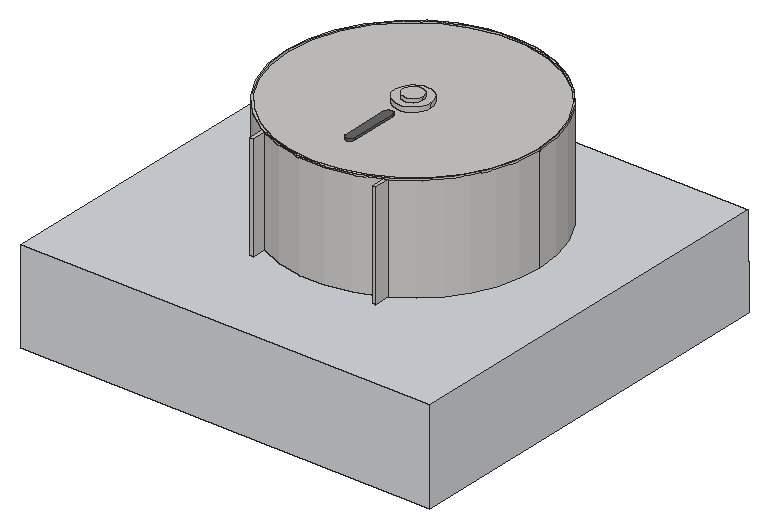
Revit family
Parameters (values of type "as Specified")
  Warranty Duration (Years) = 0
  Unit Width = 0' - 10 11/16"
  Unit Height = 0' - 10 5/8"
  Unit Depth = 0' - 4 1/2"
  URL = "http://www.bobrick.com/Pages/default.aspx"
  Test Data = ""
  Standards Conformance = "ADA with proper mounting height"
  Specification = ""
  SpecWizard = ""
  Send Message = "http://www.arcat.com/users.pl?action=UserEmail&company=Bobrick+Washroom+Equipment,+Inc.&coid=30988&rep=156&fax=818-503-1930&mf="
  Sales Information = "http://www.bobrick.com/Pages/ContactUs.aspx"
  Revision = "R1_2014-10"
  Region Restriction = "None"
  Product Properties = ""
  Product Data = "http://arcat.com/arcatcos/cos30/arc30988.html"
  Mounting Height [instance] = 2' - 5 1/2"
  Model = "B-2890"
  Manufacturer Website = "http://www.bobrick.com/Pages/default.aspx"
  Manufacturer Phone - Toll Free = ""
  Manufacturer Phone = "818-764-1000"
  Manufacturer Fax = "818-503-1930"
  Manufacturer Address = "11611 Hart St. North Hollywood, CA 91605-5882"
  Manufacturer = "Bobrick Washroom Equipment, Inc."
  Maintenance Schedule (Months) = 0
  Keynote = "102813"
  Installation-Fabrication = "http://www.bobrick.com/washroomaccessories/Pages/WashroomAccessories.aspx"
  Installation Phase = ""
  Green Building-LEED = ""
  Finish Material = Stainless Steel - Bobrick - Satin
  Expected Lifespan (Years) = 0
  Drawn By = "Sumex Design, Inc. / Robert S. Weygant, CSI, CDT, SCIP"
  Description = "Bobrick Surface Mounted Jumbo Roll Toilet Tissue Dispenser - B-2890"
  Default Elevation = 0' - 0"
  Copyright = "©Arcat Inc."
  Construction Details = ""
  Capacity = "10\" (255mm) diameter core roll  ;  convertible for 3\" (75mm) diameter core rolls"
  Building Codes = ""
  Assembly Code = "E1090900"
  Accent Finish [instance] = Paint - Bobrick - Black
Reference planes (in)
  plane 1 "ADA Mount Line": y = -15.3942
  plane 2: z = 0
  plane 3 "Center (Left/Right)": x = 0
  plane 4: x = -5.34375
  plane 5: x = 5.34375
  plane 6 "FF": y = -44.8942
  plane 7: y = -26.0192
Forms (in)
  Extrusion 1, solid
    sketch origin (0, 0, 0) x (1, 0, 0) y (0, 1, 0)
      loop
        line (-9, -13.3942) -> (-9, -30.21037) -> (8.2715, -30.21037) -> (8.2715, -13.3942) -> (-9, -13.3942)
    from 0 to -3.89711
  Extrusion 2, solid, material "Stainless Steel - Bobrick - Satin" <- "Finish Material"
    sketch origin (0, 0, 0) x (1, 0, 0) y (0, 1, 0)
      loop
        circle (0, -20.73795) r 5.34375
    from 0 to 4.4375
  Extrusion 3, solid, material "Stainless Steel - Bobrick - Satin" <- "Finish Material"
    sketch origin (0, 0, 0) x (1, 0, 0) y (0, 1, 0)
      loop
        line (-2.65625, -26.0192) -> (-2.51602, -26.0192) -> (-2.51602, -24.88256) -> (-2.65625, -24.88256) -> (-2.65625, -26.0192)
      loop
        line (2.65625, -26.0192) -> (2.65625, -24.88256) -> (2.51602, -24.88256) -> (2.51602, -26.0192) -> (2.65625, -26.0192)
    from 0 to 4.4375
  Extrusion 4, solid, material "Stainless Steel - Bobrick - Satin" <- "Finish Material"
    sketch origin (0, 0, 0) x (1, 0, 0) y (0, 1, 0)
      loop
        circle (0, -20.73795) r 0.75
    from 0 to 4.625
  Extrusion 5, solid, material "Paint - Bobrick - Black" <- "Accent Finish"
    sketch origin (0, 0, 0) x (1, 0, 0) y (0, 1, 0)
      loop
        line (-0.1875, -22.05104) -> (-0.1875, -24.05671)
        arc (-0.1875, -24.05671) -> (0, -24.24421) -> (0.1875, -24.05671) r 0.1875
        line (0.1875, -24.05671) -> (0.1875, -22.05104)
        arc (0.1875, -22.05104) -> (0, -21.86354) -> (-0.1875, -22.05104) r 0.1875
    from 4.5 to 4.5625
  Extrusion 6, solid, material "Stainless Steel - Bobrick - Satin" <- "Finish Material"
    sketch origin (0, 0, 0) x (1, 0, 0) y (0, 1, 0)
      loop
        circle (0, -20.73795) r 0.418
    from 0 to 4.75
  Extrusion 7, solid, material "Stainless Steel - Bobrick - Satin" <- "Finish Material"
    sketch origin (0, 0, 0) x (1, 0, 0) y (0, 1, 0)
      loop
        circle (0, -20.73795) r 5.34375
      loop
        circle (0, -20.73795) r 5.29081
    from 0 to 4.5
Cuts and joins
  joined: Extrusion 2, Extrusion 3, Extrusion 4, Extrusion 6, Extrusion 7
Dimensions and locks (in)
  equal spacing: plane 4, plane 3 "Center (Left/Right)", plane 5
  "Unit Width": plane 4 to plane 5
  "Mounting Height": plane 1 "ADA Mount Line" to plane 6 "FF"
  "Unit Height": plane 7 to plane 1 "ADA Mount Line"
  locked: Extrusion 2 sketch curve to plane 1 "ADA Mount Line" at 5.34375
  aligned and locked: plane 2 to Extrusion 1
  aligned and locked: level to Extrusion 1
Automatic sketch dimensions
  Extrusion 1 sketch curve to Extrusion 1 sketch curve = 1' - 5.2715"
  Extrusion 1 sketch curve to Extrusion 1 sketch curve = 1' - 4.81617"
  Extrusion 2 sketch curve to plane 3 "Center (Left/Right)" = 0' - 0"
  Extrusion 3 sketch curve to plane 7 = 0' - 0"  (x2)
  Extrusion 3 sketch curve to Extrusion 3 sketch curve = 0' - 0.14023"  (x2)
  plane 3 "Center (Left/Right)" to Extrusion 3 sketch curve = 0' - 2.51602"
  plane 7 to Extrusion 3 sketch curve = 0' - 1.13663"
  Extrusion 3 sketch curve to Extrusion 3 sketch curve = 0' - 1.13663"
  Extrusion 3 sketch curve to plane 3 "Center (Left/Right)" = 0' - 2.51602"
  Extrusion 4 sketch curve to plane 3 "Center (Left/Right)" = 0' - 0"
  plane 7 to Extrusion 4 sketch curve = 0' - 5 9/32"
  Extrusion 5 sketch curve to Extrusion 5 sketch curve = 0' - 0 3/16"
  plane 7 to Extrusion 5 sketch curve = 0' - 1.96249"
  Extrusion 5 sketch curve to Extrusion 5 sketch curve = 0' - 2.00566"
  Extrusion 5 sketch curve to plane 3 "Center (Left/Right)" = 0' - 0 3/16"
  Extrusion 6 sketch curve to plane 3 "Center (Left/Right)" = 0' - 0"
  plane 7 to Extrusion 6 sketch curve = 0' - 5 9/32"
  Extrusion 7 sketch curve to Extrusion 7 sketch curve = 0' - 0"  (x2)
  Extrusion 7 sketch curve to plane 3 "Center (Left/Right)" = 0' - 0"
  plane 7 to Extrusion 7 sketch curve = 0' - 5 9/32"
  radius of Extrusion 2 sketch curve = 0' - 5 11/32"
  radius of Extrusion 4 sketch curve = 0' - 0 3/4"
  radius of Extrusion 6 sketch curve = 0' - 0.418"
  radius of Extrusion 7 sketch curve = 0' - 5.29081"
  radius of Extrusion 7 sketch curve = 0' - 5 11/32"
